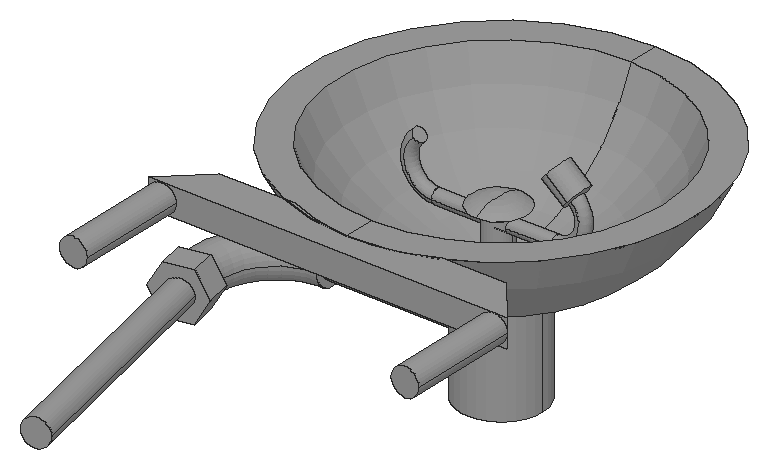
Revit family
Reference planes (in)
  plane 1: y = 0
  plane 2 "Center (Left/Right)": x = 0
  plane 3 "Back": y = 3
  plane 4: z = 42.5
  plane 5: z = 38.25
  plane 6: through (-3.02074, 9, 41.95756) normal (-0.766, 0, -0.6428)
Forms (in)
  Extrusion 1, solid, material "Yellow Plastic"
    sketch origin (0, 3, 0) x (1, 0, 0) y (0, 0, 1)
      loop
        circle (6, 42) r 0.5
      loop
        circle (-6, 42) r 0.5
    from 0 to -4
  Extrusion 2, solid, material "Yellow Plastic"
    sketch origin (0, -9, 42.5) x (0, 1, 0) y (-1, 0, 0)
      loop
        line (16, 6.5) -> (16, -6.5) -> (17.53209, -5.21442) -> (17.53209, -2.89844)
        arc (17.53209, -2.89844) -> (16.85175, -0.29532) -> (17.41421, 2.33579) r 5.82333
        line (17.41421, 2.33579) -> (17.41421, 5.08579) -> (16, 6.5)
    from 0 to -1
  Revolve 3, solid, material "Yellow Plastic"
    sketch origin (0, 31.85259, 0) x (0, 1, 0) y (0, 0, 1)
      loop
        line (-10, 42.5) -> (-11.12132, 42.5)
        arc (-11.12132, 42.5) -> (-13.42014, 39.55865) -> (-17, 38.5) r 6.11986
        line (-17, 38.5) -> (-17, 38)
        arc (-17, 38) -> (-12.79938, 39.16015) -> (-10, 42.5) r 7.32894
      axis (-17, 38) -> (-17, 42.5)
    angle from 0 to 360
  Extrusion 4, solid, material "Yellow Plastic"
    sketch origin (0, 40.85259, 38.25) x (1, 0, 0) y (0, 1, 0)
      loop
        circle (0, -26) r 1.5
    from 0 to -4
  Extrusion 5, solid, material "Metal Pipe"
    sketch origin (0, 40.85259, 38.25) x (1, 0, 0) y (0, 1, 0)
      loop
        circle (0, -26.12132) r 0.5
    from 0 to 2
  Revolve 6, solid, material "Metal Pipe"
    sketch origin (0, 31.85259, 0) x (0, 1, 0) y (0, 0, 1)
      loop
        arc (-17.12132, 40.25) -> (-16.59863, 40.28424) -> (-16.12132, 40.5) r 1.46648
        arc (-16.12132, 40.5) -> (-16.59669, 40.72352) -> (-17.12132, 40.75) r 1.35857
        line (-17.12132, 40.75) -> (-17.12132, 40.25)
      axis (-17.12132, 40.25) -> (-17.12132, 40.75)
    angle from 0 to 360
  Sweep 7, solid, material "Metal Pipe"
    path origin (0, 3, 0) x (1, 0, 0) y (0, 0, 1)
      loop
        arc (2.7364, 41.76604) -> (3.03331, 40.65798) -> (2.09362, 40) r 1
        line (2.09362, 40) -> (0, 40) -> (-2.21726, 40)
        arc (-2.21726, 40) -> (-3.15695, 40.65798) -> (-2.86004, 41.76604) r 1
    profile origin (-1.10863, 3, 40) x (0, 0, -1) y (0, -1, 0)
      loop
        circle (0, -11.73127) r 0.25
  Extrusion 8, solid, material "Yellow Plastic"
    sketch origin (2.86004, 34.85259, 41.76604) x (0, -1, 0) y (0.642788, 0, 0.766044)
      loop
        circle (20.12132, 0) r 0.5
    from 0 to 1
  Extrusion 9, solid, material "Metal Pipe"
    sketch origin (0, 31.85259, 0) x (0, 1, 0) y (0, 0, 1)
      loop
        circle (-17.12132, 36.5) r 0.5
    from 0 to -6
  Sweep 10, solid, material "Yellow Plastic"
    path origin (0, 9, 38.25) x (1, 0, 0) y (0, 1, 0)
      loop
        arc (-6, 5.73127) -> (-8, 4.77732) -> (-8.51728, 2.62268) r 2.57352
    profile origin (-8, 13.77732, 38.25) x (0.777146, -0.62932, 0) y (0, 0, 1)
      loop
        circle (0, -1.75) r 0.75
  Extrusion 11, solid, material "Metal Pipe"
    sketch origin (-8.51728, 11.62268, 38.25) x (0, 0, 1) y (-0.978148, -0.207912, 0)
      loop
        circle (-1.75, 0) r 0.5
    from 1 to 10
  Extrusion 12, solid, material "Metal Pipe"
    sketch origin (-8.51728, 11.62268, 38.25) x (0, 0, 1) y (-0.978148, -0.207912, 0)
      loop
        line (-0.86671, 0.50997) -> (-1.75, 1.01993) -> (-2.63329, 0.50997) -> (-2.63329, -0.50997) -> (-1.75, -1.01993) -> (-0.86671, -0.50997) -> (-0.86671, 0.50997)
    from 0 to 1
Lines and regions (in)
  reference lines
    curve 1: circle (0, 14.73127, 40) r 0.25 normal (1, 0, 0)
Text (in)
  text "Placement Side" at (0, 40.15149, 123.01588), in view "Right"
  text "Placement Side" at (-58.6842, 42.74981, 0), in view "Ref. Level"
  text "Placement Side" at (0, 47.49176, 140.59947), in view "Left"
Dimensions and locks (in)
  locked: plane 3 "Back" to host wall
